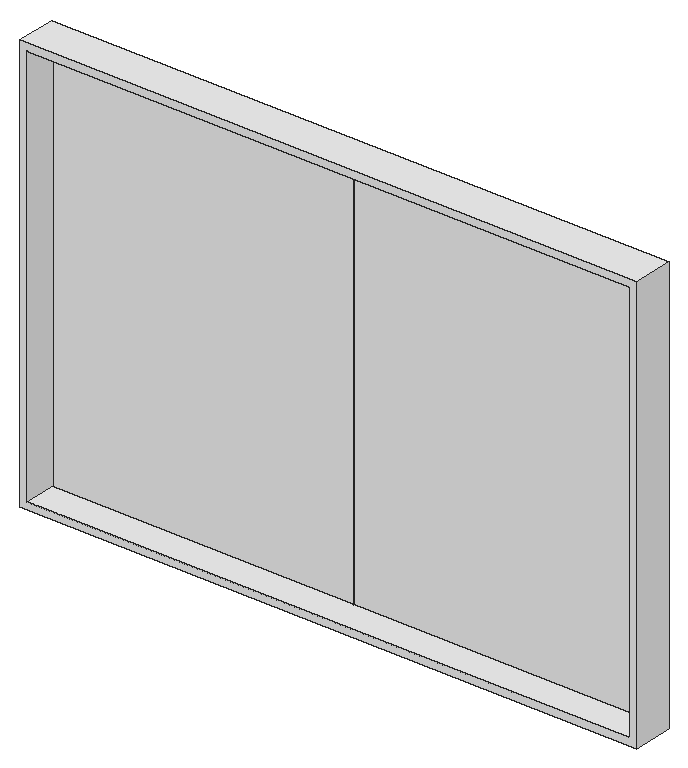
Revit family
Parameters (values of type "3100X2100 mm")
  프레임 = ""
  철물 = ""
  Assembly Code = ""
  유리/마감 = ""
  위치/개소 = ""
  부호 = "2/FSD"
  문 틀 = 문 틀
  문번호 = "2"
  문기호 = "FSD"
  문 = 문
  Height = 2100 mm
  Wall Closure = (empty or 0)
  Width = 3100 mm
Reference planes
  plane 1: y = 0
  plane 2 "중심(왼쪽/오른쪽)": x = 35
  plane 3 "왼쪽": x = -1515
  plane 4 "오른쪽": x = 1585
  plane 5: z = 2100
  plane 6 "외부": y = 100
  plane 7 "내부": y = -100
  plane 8: y = 60
  plane 9: x = -1495
  plane 10: x = 1565
  plane 11: x = -1445
  plane 12: x = 1515
  plane 13: y = 30
  plane 14: z = 2080
  plane 15: z = 2065
  plane 16: z = 20
  plane 17: z = 35
  plane 18: z = 1000
  plane 19: z = 2400
  plane 20: x = -1955
  plane 21: x = 1885
  plane 22: z = -300
Forms (mm)
  Sweep 1, solid, material "문 틀" <- "문 틀"
    path origin (0, 100, 0) x (1, 0, 0) y (0, 0, 1)
      loop
        line (1585, 0) -> (1585, 2100) -> (-1515, 2100) -> (-1515, 0) -> (1585, 0)
    profile origin (1585, 100, 1050) x (-1, 0, 0) y (0, -1, 0)
      loop
        line (0, 0) -> (20, 0) -> (20, 40) -> (35, 40) -> (35, 200) -> (0, 200) -> (0, 0)
  Extrusion 2, solid, material "문" <- "문"
    sketch origin (0, 0, 0) x (1, 0, 0) y (0, 1, 0)
      loop
        line (-1495, 60) -> (35, 60) -> (35, 100) -> (-1495, 100) -> (-1495, 60)
    from 20 to 2080
  Extrusion 3, solid, material "문" <- "문"
    sketch origin (880, 0, 0) x (1, 0, 0) y (0, 1, 0)
      loop
        line (-845, 60) -> (685, 60) -> (685, 100) -> (-845, 100) -> (-845, 60)
    from 20 to 2080
Lines and regions (mm)
  Opening 1
    outline origin (-3050, -100, 0) x (1, 0, 0) y (0, 0, 1)
      loop
        line (1535, 0) -> (4635, 0) -> (4635, 2100) -> (1535, 2100) -> (1535, 0)
  symbolic lines, style "DoorsPanelProjection"
    curve 1: line (-1495, 1596.393, 0) -> (-1419.12, 1596.393, 0)
    curve 3: line (1515, 1624.25, 0) -> (1565, 1624.25, 0)
  symbolic lines, style "평면 스윙"
    curve 2: arc (40.963, 98.017, 0) -> (-379.747, 1148.631, 0) -> (-1419.12, 1596.393, 0) r 1482.711
    curve 6: line (-1495, 100, 0) -> (-1495, 1596.393, 0)
    curve 7: line (-1445, 1596.393, 0) -> (-1445, 100, 0)
    curve 8: line (1515, 100, 0) -> (1515, 1624.25, 0)
    curve 9: line (1565, 1624.25, 0) -> (1565, 100, 0)
    curve 10: arc (1515, 1624.25, 0) -> (475.67, 1153.106, 0) -> (40.963, 98.017, 0) r 1549.162
    curve 31: line (-1515, 100, 0) -> (1585, 100, 0)
  symbolic lines, style "입면도 스윙"
    curve 4: line (35, 100, 2080) -> (1565, 100, 1040)
    curve 5: line (1565, 100, 1040) -> (35, 100, 20)
    curve 11: line (35, -100, 20) -> (-1495, -100, 1040)
    curve 12: line (-1495, -100, 1040) -> (35, -100, 2080)
  symbolic lines
    curve 13: circle (110, 100, 1000) r 25 normal (0, 1, 0)
    curve 14: circle (-40, 100, 1000) r 25 normal (0, 1, 0)
    curve 15: line (110, 100, 930) -> (110, 100, 1070)
    curve 16: line (180, 100, 1000) -> (40, 100, 1000)
    curve 17: line (-40, 100, 930) -> (-40, 100, 1070)
    curve 18: line (-110, 100, 1000) -> (30, 100, 1000)
  symbolic lines, style "DoorsOpeningProjection"
    curve 19: line (1885, 100, 2100) -> (-1815, 100, 2100)
    curve 20: line (1885, 100, 0) -> (-1815, 100, 0)
    curve 21: line (-1515, 100, -300) -> (-1515, 100, 2400)
    curve 22: line (1585, 100, 2400) -> (1585, 100, -300)
    curve 23: line (1580, 100, 2095) -> (-1510, 100, 2095)
    curve 24: line (1590, 100, 2105) -> (-1520, 100, 2105)
    curve 25: line (-1520, 100, -5) -> (-1520, 100, 2105)
    curve 26: line (-1510, 100, 5) -> (-1510, 100, 2095)
    curve 27: line (1590, 100, -5) -> (-1520, 100, -5)
    curve 28: line (1580, 100, 5) -> (-1510, 100, 5)
    curve 29: line (1590, 100, 2105) -> (1590, 100, -5)
    curve 30: line (1580, 100, 2095) -> (1580, 100, 5)
Text (mm)
  text "외부" at (-2295.016, 1099.543, 0), in view "참조 레벨"
  text "외부" at (0, 1615.38, 3698.081), in view "왼쪽"
  text "외부" at (0, 1036.032, 3874.932), in view "오른쪽"
Dimensions and locks
  equal spacing: plane 3 "왼쪽", plane 2 "중심(왼쪽/오른쪽)", plane 4 "오른쪽"
  "Width": plane 3 "왼쪽" to plane 4 "오른쪽"
  "Height": plane 5 to host wall
  host wall to plane 5 = 2100 mm  (x2)
  locked: plane 6 "외부" to host wall at 0
  locked: plane 7 "내부" to host wall
  locked: plane 3 "왼쪽" to plane 9 at 20
  locked: plane 9 to plane 11 at 50
  plane 10 to plane 4 "오른쪽" = 20 mm
  locked: plane 12 to plane 10 at 50
  locked: plane 14 to plane 5 at 20
  locked: plane 15 to plane 14 at 15
  locked: plane 8 to plane 6 "외부" at 40
  locked: plane 13 to plane 8 at 30
  locked: level to plane 16 at 20
  locked: plane 16 to plane 17 at 15
  locked: level to plane 18 at 1000
  curve 27 to curve 20 to curve 28 = 5 mm locked, 5 mm locked
  curve 29 to curve 22 to curve 30 = 5 mm locked, 5 mm locked
  curve 25 to curve 21 to curve 26 = 5 mm locked, 5 mm locked
  curve 23 to curve 19 to curve 24 = 5 mm locked, 5 mm locked
  aligned and locked: plane 3 "왼쪽" to Opening 1 sketch curve
  aligned and locked: plane 5 to Opening 1 sketch curve  (x2)
  aligned and locked: Opening 1 sketch curve to plane 4 "오른쪽"
  aligned and locked: Opening 1 sketch curve to level
  aligned and locked: plane 1 to host wall
  aligned and locked: Sweep 1 sketch curve to host wall
  aligned and locked: Extrusion 2 sketch curve to Sweep 1  (x2)
  aligned and locked: plane 6 "외부" to Extrusion 2 sketch curve
  aligned and locked: plane 2 "중심(왼쪽/오른쪽)" to Extrusion 2 sketch curve
  aligned and locked: Extrusion 2 to plane 14
  aligned and locked: plane 14 to Sweep 1
  aligned and locked: Extrusion 3 to plane 14
  aligned and locked: plane 15 to Sweep 1
  aligned and locked: host wall to Sweep 1 sketch curve
  aligned and locked: plane 8 to Extrusion 2
  aligned and locked: curve 9 to plane 10
  aligned and locked: curve 12 to Extrusion 2
  aligned and locked: Extrusion 3 to plane 16
  aligned and locked: Extrusion 3 to Extrusion 2
  aligned and locked: curve 11 to Extrusion 2
  aligned and locked: curve 5 to Extrusion 2
  aligned and locked: Sweep 1 sketch curve to level
  aligned and locked: curve 8 to plane 12
  aligned and locked: curve 7 to plane 11
  aligned and locked: curve 16 to plane 18
  aligned and locked: plane 3 "왼쪽" to curve 21
  aligned and locked: plane 5 to curve 19
  aligned and locked: curve 20 to level
  aligned and locked: curve 22 to plane 4 "오른쪽"
  aligned and locked: plane 3 "왼쪽" to curve 31
  aligned and locked: plane 4 "오른쪽" to curve 31
  aligned and locked: plane 6 "외부" to curve 31
Automatic sketch dimensions
  Sweep 1 sketch curve to plane 4 "오른쪽" = 0 mm
  Sweep 1 sketch curve to plane 5 = 0 mm
  Sweep 1 sketch curve to plane 6 "외부" = 0 mm
  Sweep 1 sketch curve to profile plane = 0 mm
  Sweep 1 sketch curve to Sweep 1 sketch curve = 20 mm
  Sweep 1 sketch curve to Sweep 1 sketch curve = 35 mm
  plane 6 "외부" to Sweep 1 sketch curve = 40 mm
  Extrusion 3 sketch curve to host wall = 0 mm
  Extrusion 3 sketch curve to plane 2 "중심(왼쪽/오른쪽)" = 0 mm
  Extrusion 3 sketch curve to plane 10 = 0 mm
  Extrusion 3 sketch curve to plane 8 = 0 mm
  curve 4 to plane 2 "중심(왼쪽/오른쪽)" = 0 mm
  curve 5 to plane 10 = 0 mm
  curve 5 to plane 16 = 0 mm
  curve 4 to plane 14 = 0 mm
  plane 18 to curve 5 = 40 mm
  curve 11 to plane 9 = 0 mm
  curve 11 to plane 16 = 0 mm
  curve 12 to plane 14 = 0 mm
  plane 18 to curve 12 = 40 mm
  curve 16 to curve 15 = 70 mm
  curve 18 to curve 16 = 10 mm
  curve 17 to curve 18 = 70 mm  (x2)
  curve 14 to curve 17 = 0 mm
  curve 18 to curve 14 = 70 mm
  curve 13 to curve 15 = 0 mm
  curve 13 to curve 16 = 70 mm
  curve 17 to curve 16 = 70 mm
  curve 15 to curve 16 = 70 mm
  curve 14 to curve 18 = 0 mm
  curve 15 to curve 13 = 70 mm
  curve 13 to curve 15 = 70 mm
  curve 14 to curve 17 = 70 mm
  curve 19 to curve 24 = 295 mm
  curve 24 to curve 19 = 295 mm
  curve 21 to curve 25 = 295 mm
  curve 25 to curve 21 = 295 mm
  curve 20 to curve 27 = 295 mm
  curve 27 to curve 20 = 295 mm
  curve 22 to curve 29 = 295 mm
  curve 29 to curve 22 = 295 mm
  curve 18 to Sweep 1 = 1385 mm
  curve 6 to plane 9 = 0 mm
  curve 2 to plane 11 = 3.336 mm
  curve 2 to plane 11 = 25.88 mm
  curve 2 to host wall = 1.983 mm
  plane 2 "중심(왼쪽/오른쪽)" to curve 2 = 5.963 mm
  curve 10 to plane 4 "오른쪽" = 4.981 mm
  curve 10 to plane 8 = 16.904 mm
  host wall to curve 2 = 13.853 mm
  radius of curve 13 = 25 mm
  radius of curve 14 = 25 mm
